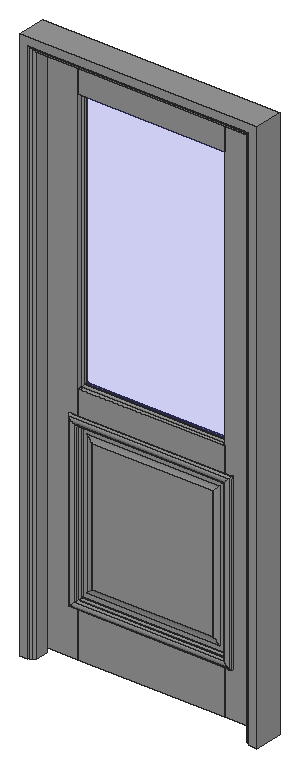
Revit family "I2P 813 GTHB", category Doors, host Wall, Revit 2013
Parameters (values of type "I2P 813 GTHB")
  Function = Interior
  Frame Projection Ext. = 25 mm
  Frame Projection Int. = 25 mm
  Frame Width = 75 mm
  Height = 2090 mm
  Wall Closure = By host
  Width = 889 mm
Reference planes
  plane 1: y = 0
  plane 2 "Center (Left/Right)": x = 0
  plane 3 "Left": x = -444.5
  plane 4 "Right": x = 444.5
  plane 5: z = 2090
  plane 6 "Exterior": y = 75
  plane 7 "Interior": y = -75
Forms (mm)
  Sweep 1, solid, material "Lauan, Meranti"
    path origin (0, 75, 0) x (1, 0, 0) y (0, 0, 1)
      loop
        line (444.5, 0) -> (444.5, 2090) -> (-444.5, 2090) -> (-444.5, 0)
    profile "Van Acht 105x50 Door Frame Routed Profile (Heavy) : Van Acht 105x50 Door Frame Routed Profile (Heavy)" origin (444.5, 75, 1045) x (-1, 0, 0) y (0, -1, 0)
      loop
        line (0, 22.5) -> (38, 22.5) -> (38, 67.5) -> (50, 67.5) -> (50, 112.5)
        arc (50, 112.5) -> (44.957, 114.29) -> (42.17, 118.859) r 8
        line (42.17, 118.859) -> (39, 118.859)
        arc (39, 118.859) -> (35.311, 122.973) -> (30, 124.5) r 10
        line (30, 124.5) -> (30, 127.5) -> (0, 127.5) -> (0, 22.5)
  Extrusion 2, solid, material "Lauan, Meranti"
    sketch origin (0, -85, 0) x (0, 1, 0) y (0, 0, 1)
      loop
        line (132.5, 20) -> (132.5, 221) -> (130.5, 221)
        arc (130.5, 221) -> (128.866, 225.67) -> (124.5, 228) r 6.807
        line (124.5, 228) -> (124.5, 230) -> (122.5, 230) -> (122.5, 215) -> (102.5, 215) -> (102.5, 230) -> (100.5, 230) -> (100.5, 228)
        arc (100.5, 228) -> (96.134, 225.67) -> (94.5, 221) r 6.807
        line (94.5, 221) -> (92.5, 221) -> (92.5, 20) -> (132.5, 20)
      loop
        line (132.5, 809) -> (132.5, 931) -> (130.5, 931)
        arc (130.5, 931) -> (128.866, 935.67) -> (124.5, 938) r 6.807
        line (124.5, 938) -> (124.5, 940) -> (122.5, 940) -> (122.5, 931) -> (92.5, 931) -> (92.5, 809) -> (94.5, 809)
        arc (94.5, 809) -> (96.134, 804.33) -> (100.5, 802) r 6.807
        line (100.5, 802) -> (100.5, 800) -> (102.5, 800) -> (102.5, 815) -> (122.5, 815) -> (122.5, 800) -> (124.5, 800) -> (124.5, 802)
        arc (124.5, 802) -> (128.866, 804.33) -> (130.5, 809) r 6.807
        line (130.5, 809) -> (132.5, 809)
      loop
        line (130.5, 1921) -> (132.5, 1921) -> (132.5, 2052) -> (92.5, 2052) -> (92.5, 1921) -> (122.5, 1921) -> (122.5, 1912) -> (124.5, 1912) -> (124.5, 1914)
        arc (124.5, 1914) -> (128.866, 1916.33) -> (130.5, 1921) r 6.807
    from -275.5 to 275.5
  Extrusion 3, solid, material "Lauan, Meranti"
    sketch origin (0, 0, 0) x (1, 0, 0) y (0, 1, 0)
      loop
        line (-406.5, 47.5) -> (-406.5, 7.5) -> (-275.5, 7.5) -> (-275.5, 9.5)
        arc (-275.5, 9.5) -> (-270.765, 11.06) -> (-268.5, 15.5) r 6.549
        line (-268.5, 15.5) -> (-266.5, 15.5) -> (-266.5, 17.5) -> (-281.5, 17.5) -> (-281.5, 37.5) -> (-266.5, 37.5) -> (-266.5, 39.5) -> (-268.5, 39.5)
        arc (-268.5, 39.5) -> (-270.765, 43.94) -> (-275.5, 45.5) r 6.549
        line (-275.5, 45.5) -> (-275.5, 47.5) -> (-406.5, 47.5)
      loop
        line (406.5, 47.5) -> (275.5, 47.5) -> (275.5, 45.5)
        arc (275.5, 45.5) -> (270.765, 43.94) -> (268.5, 39.5) r 6.549
        line (268.5, 39.5) -> (266.5, 39.5) -> (266.5, 37.5) -> (281.5, 37.5) -> (281.5, 17.5) -> (266.5, 17.5) -> (266.5, 15.5) -> (268.5, 15.5)
        arc (268.5, 15.5) -> (270.765, 11.06) -> (275.5, 9.5) r 6.549
        line (275.5, 9.5) -> (275.5, 7.5) -> (406.5, 7.5) -> (406.5, 47.5)
    from 20 to 931
  Sweep 4, solid, material "Lauan, Meranti"
    path origin (0, 75, 0) x (1, 0, 0) y (0, 0, 1)
      loop
        line (275.5, 809) -> (-275.5, 809) -> (-275.5, 221) -> (275.5, 221) -> (275.5, 809)
    profile origin (0, 75, 809) x (0, 0, -1) y (0, -1, 0)
      loop
        line (-4.5, 57.5) -> (-4.5, 37.5) -> (25.727, 37.5)
        arc (25.727, 37.5) -> (37.468, 35.847) -> (48.5, 31.5) r 50.456
        line (48.5, 31.5) -> (48.5, 63.5)
        arc (48.5, 63.5) -> (37.468, 59.153) -> (25.727, 57.5) r 50.456
        line (25.727, 57.5) -> (-4.5, 57.5)
  Extrusion 5, solid, material "Lauan, Meranti"
    sketch origin (0, 75, 0) x (1, 0, 0) y (0, 0, 1)
      loop
        line (227, 760.5) -> (-227, 760.5) -> (-227, 269.5) -> (227, 269.5) -> (227, 760.5)
    from 31.5 to 63.5
  Extrusion 6, solid, material "Lauan, Meranti"
    sketch origin (0, 0, 0) x (1, 0, 0) y (0, 1, 0)
      loop
        line (-406.5, 47.5) -> (-406.5, 7.5) -> (-275.5, 7.5) -> (-275.5, 37.5) -> (-266.5, 37.5) -> (-266.5, 39.5) -> (-268.5, 39.5)
        arc (-268.5, 39.5) -> (-270.765, 43.94) -> (-275.5, 45.5) r 6.549
        line (-275.5, 45.5) -> (-275.5, 47.5) -> (-406.5, 47.5)
      loop
        line (406.5, 47.5) -> (275.5, 47.5) -> (275.5, 45.5)
        arc (275.5, 45.5) -> (270.765, 43.94) -> (268.5, 39.5) r 6.549
        line (268.5, 39.5) -> (266.5, 39.5) -> (266.5, 37.5) -> (275.5, 37.5) -> (275.5, 7.5) -> (406.5, 7.5) -> (406.5, 47.5)
    from 931 to 2052
  Extrusion 7, solid, material "Glass"
    sketch origin (0, -75, 0) x (1, 0, 0) y (0, 0, 1)
      loop
        line (-275.5, 1921) -> (-275.5, 931) -> (275.5, 931) -> (275.5, 1921) -> (-275.5, 1921)
    from -112.5 to -106.1
  Sweep 8, solid, material "Lauan, Meranti"
    path origin (0, -75, 0) x (1, 0, 0) y (0, 0, 1)
      loop
        line (-275.5, 1921) -> (-275.5, 931) -> (275.5, 931) -> (275.5, 1921) -> (-275.5, 1921)
    profile origin (0, -75, 1921) x (0, 0, 1) y (0, -1, 0)
      loop
        line (-9, -106.1) -> (0, -106.1) -> (0, -98.1)
        arc (0, -98.1) -> (-4.67, -99.734) -> (-7, -104.1) r 6.807
        line (-7, -104.1) -> (-9, -104.1) -> (-9, -106.1)
  Sweep 9, solid, material "Lauan, Meranti"
    path origin (-128.106, 75, -1205.291) x (1, 0, 0) y (0, 0, 1)
      loop
        line (403.606, 2014.291) -> (-147.394, 2014.291) -> (-147.394, 1426.291) -> (403.606, 1426.291) -> (403.606, 2014.291)
    profile origin (0, 75, 809) x (0, 0, -1) y (0, -1, 0)
      loop
        arc (-31, 24) -> (-29.096, 19.404) -> (-24.5, 17.5) r 6.5
        arc (-24.5, 17.5) -> (-15.5, 13.5) -> (-6.5, 17.5) r 12.125
        arc (-6.5, 17.5) -> (-1.904, 19.404) -> (0, 24) r 6.5
        line (0, 24) -> (0, 27.5) -> (-31, 27.5) -> (-31, 24)
  Sweep 10, solid, material "Lauan, Meranti"
    path origin (-128.106, -20, -1205.291) x (1, 0, 0) y (0, 0, -1)
      loop
        line (403.606, -2014.291) -> (403.606, -1426.291) -> (-147.394, -1426.291) -> (-147.394, -2014.291) -> (403.606, -2014.291)
    profile origin (0, -20, 809) x (0, 0, 1) y (0, 1, 0)
      loop
        line (31, 24) -> (31, 27.5) -> (0, 27.5) -> (0, 24)
        arc (0, 24) -> (1.904, 19.404) -> (6.5, 17.5) r 6.5
        arc (6.5, 17.5) -> (15.5, 13.5) -> (24.5, 17.5) r 12.125
        arc (24.5, 17.5) -> (29.096, 19.404) -> (31, 24) r 6.5
Cuts and joins
  joined: Extrusion 3, Extrusion 6
Lines and regions (mm)
  Opening 1
    outline origin (-3050, -75, 0) x (1, 0, 0) y (0, 0, 1)
      loop
        line (2605.5, 0) -> (3494.5, 0) -> (3494.5, 2090) -> (2605.5, 2090) -> (2605.5, 0)
  symbolic lines, style "Elevation Swing"
    curve 1: line (444.5, -75, 1045) -> (-444.5, -75, 2090)
    curve 2: line (444.5, -75, 1045) -> (-444.5, -75, 0)
  model lines
    curve 3: line (406.5, 52.5, 0) -> (406.5, 865.5, 0)
    curve 4: arc (-406.5, 52.5, 0) -> (-168.378, 627.378, 0) -> (406.5, 865.5, 0) r 813
Text (mm)
  text "Exterior" at (-2295.016, 1099.543, 0), in view "Ref. Level"
  text "Exterior" at (0, 1615.38, 3698.081), in view "Left"
  text "Exterior" at (0, 1036.032, 3874.932), in view "Right"
Dimensions and locks
  equal spacing: plane 3 "Left", plane 2 "Center (Left/Right)", plane 4 "Right"
  "Width": plane 3 "Left" to plane 4 "Right"
  "Height": plane 5 to host wall
  equal spacing: host wall, curve 2, plane 5
  host wall to plane 5 = 2090 mm
  locked: plane 6 "Exterior" to host wall at 0
  locked: plane 7 "Interior" to host wall
  plane 3 "Left" to plane 4 "Right" = 889 mm
  Sweep 1 to Sweep 1 = 813 mm
  Extrusion 3 to Sweep 1 = 2032 mm
  aligned and locked: plane 3 "Left" to Opening 1 sketch curve
  aligned and locked: plane 5 to Opening 1 sketch curve  (x2)
  aligned and locked: Opening 1 sketch curve to plane 4 "Right"
  aligned and locked: Opening 1 sketch curve to level
  aligned and locked: plane 5 to curve 1
  aligned and locked: plane 3 "Left" to curve 2
  aligned and locked: plane 1 to host wall
  aligned and locked: plane 3 "Left" to curve 1
Automatic sketch dimensions
  plane 4 "Right" to curve 2 = 0 mm
  curve 2 to level = 0 mm
  plane 3 "Left" to Sweep 1 sketch curve = 0 mm
  plane 4 "Right" to Sweep 1 sketch curve = 0 mm
  Sweep 1 sketch curve to plane 5 = 0 mm
  Sweep 1 sketch curve to level = 0 mm  (x2)
  Extrusion 2 sketch curve to host wall = 7.5 mm  (x3)
  level to Extrusion 2 sketch curve = 20 mm
  Extrusion 2 sketch curve to Extrusion 2 sketch curve = 2 mm  (x17)
  Extrusion 2 sketch curve to Extrusion 2 sketch curve = 6 mm  (x6)
  Extrusion 2 sketch curve to Extrusion 2 sketch curve = 30 mm  (x2)
  Extrusion 2 sketch curve to Extrusion 2 sketch curve = 20 mm  (x2)
  Extrusion 2 sketch curve to Extrusion 2 sketch curve = 8 mm  (x2)
  Extrusion 2 sketch curve to Extrusion 2 sketch curve = 1.197 mm  (x6)
  Extrusion 2 sketch curve to Extrusion 2 sketch curve = 195 mm
  Extrusion 2 sketch curve to Extrusion 2 sketch curve = 7 mm  (x6)
  Extrusion 2 sketch curve to Extrusion 2 sketch curve = 570 mm
  Extrusion 2 sketch curve to Extrusion 2 sketch curve = 0 mm  (x2)
  Extrusion 2 sketch curve to Extrusion 2 sketch curve = 6.241 mm
  Extrusion 2 sketch curve to Extrusion 2 sketch curve = 116 mm
  plane 5 to Extrusion 2 sketch curve = 178 mm
  Extrusion 2 sketch curve to Extrusion 2 sketch curve = 0.241 mm
  plane 5 to Extrusion 2 sketch curve = 38 mm
  Extrusion 3 sketch curve to host wall = 7.5 mm  (x2)
  Extrusion 3 sketch curve to plane 3 "Left" = 38 mm
  Extrusion 3 sketch curve to host wall = 37.5 mm  (x2)
  Extrusion 3 sketch curve to Extrusion 3 sketch curve = 125 mm
  Extrusion 3 sketch curve to Extrusion 3 sketch curve = 6 mm  (x7)
  Extrusion 3 sketch curve to Extrusion 3 sketch curve = 7 mm  (x4)
  Extrusion 3 sketch curve to Extrusion 3 sketch curve = 2 mm  (x11)
  plane 4 "Right" to Extrusion 3 sketch curve = 178 mm
  Extrusion 3 sketch curve to Extrusion 3 sketch curve = 0 mm
  plane 4 "Right" to Extrusion 3 sketch curve = 38 mm
  Extrusion 3 sketch curve to Extrusion 3 sketch curve = 0.473 mm  (x3)
  Extrusion 3 sketch curve to Extrusion 3 sketch curve = 6.527 mm
  Extrusion 3 sketch curve to Extrusion 3 sketch curve = 1.468 mm
  Sweep 4 sketch curve to plane 3 "Left" = 169 mm
  level to Sweep 4 sketch curve = 221 mm
  plane 4 "Right" to Sweep 4 sketch curve = 169 mm
  Sweep 4 sketch curve to Sweep 4 sketch curve = 588 mm
  profile plane to Sweep 4 sketch curve = 4.5 mm
  plane 6 "Exterior" to Sweep 4 sketch curve = 31.5 mm
  Sweep 4 sketch curve to profile plane = 25.727 mm
  Sweep 4 sketch curve to Sweep 4 sketch curve = 0 mm
  Sweep 4 sketch curve to Sweep 4 sketch curve = 22.773 mm
  Sweep 4 sketch curve to profile plane = 24.613 mm  (x2)
  plane 6 "Exterior" to Sweep 4 sketch curve = 37.5 mm
  Sweep 4 sketch curve to Sweep 4 sketch curve = 20 mm
  Sweep 4 sketch curve to Sweep 4 sketch curve = 6 mm
  Extrusion 5 sketch curve to plane 3 "Left" = 217.5 mm
  level to Extrusion 5 sketch curve = 269.5 mm
  plane 4 "Right" to Extrusion 5 sketch curve = 217.5 mm
  Extrusion 5 sketch curve to Extrusion 5 sketch curve = 491 mm
  plane 4 "Right" to curve 3 = 38 mm
  host wall to curve 3 = 790.5 mm
  curve 4 to host wall = 22.5 mm
  curve 3 to curve 4 = 0 mm
  Extrusion 6 sketch curve to host wall = 7.5 mm  (x2)
  Extrusion 6 sketch curve to plane 3 "Left" = 38 mm
  Extrusion 6 sketch curve to host wall = 37.5 mm  (x2)
  Extrusion 6 sketch curve to Extrusion 6 sketch curve = 131 mm
  Extrusion 6 sketch curve to Extrusion 6 sketch curve = 0 mm
  Extrusion 6 sketch curve to Extrusion 6 sketch curve = 7 mm  (x2)
  Extrusion 6 sketch curve to Extrusion 6 sketch curve = 2 mm  (x5)
  plane 4 "Right" to Extrusion 6 sketch curve = 178 mm
  Extrusion 6 sketch curve to Extrusion 6 sketch curve = 9 mm
  plane 4 "Right" to Extrusion 6 sketch curve = 38 mm
  Extrusion 6 sketch curve to Extrusion 6 sketch curve = 0.473 mm  (x2)
  Extrusion 6 sketch curve to Extrusion 6 sketch curve = 8 mm  (x2)
  Extrusion 6 sketch curve to host wall = 27.5 mm
  Extrusion 7 sketch curve to plane 3 "Left" = 169 mm
  level to Extrusion 7 sketch curve = 931 mm
  plane 4 "Right" to Extrusion 7 sketch curve = 169 mm
  plane 5 to Extrusion 7 sketch curve = 169 mm
  Sweep 8 sketch curve to plane 3 "Left" = 169 mm
  level to Sweep 8 sketch curve = 931 mm
  plane 4 "Right" to Sweep 8 sketch curve = 169 mm
  plane 5 to Sweep 8 sketch curve = 169 mm
  profile plane to Sweep 8 sketch curve = 0 mm
  profile plane to Sweep 8 sketch curve = 9 mm
  Sweep 8 sketch curve to plane 7 "Interior" = 106.1 mm
  Sweep 8 sketch curve to Sweep 8 sketch curve = 2 mm  (x2)
  profile plane to Sweep 8 sketch curve = 0.241 mm
  Sweep 8 sketch curve to Sweep 8 sketch curve = 8 mm
  Sweep 9 sketch curve to plane 3 "Left" = 169 mm
  level to Sweep 9 sketch curve = 221 mm
  plane 4 "Right" to Sweep 9 sketch curve = 169 mm
  Sweep 9 sketch curve to Sweep 9 sketch curve = 588 mm
  Sweep 9 sketch curve to profile plane = 0 mm
  profile plane to Sweep 9 sketch curve = 24 mm
  profile plane to Sweep 9 sketch curve = 31 mm
  Sweep 9 sketch curve to Sweep 9 sketch curve = 6.5 mm
  Sweep 9 sketch curve to Sweep 9 sketch curve = 9 mm
  profile plane to Sweep 9 sketch curve = 6.5 mm
  Sweep 9 sketch curve to Sweep 9 sketch curve = 3.5 mm
  Sweep 9 sketch curve to Sweep 9 sketch curve = 1.625 mm
  Sweep 10 sketch curve to plane 3 "Left" = 169 mm
  level to Sweep 10 sketch curve = 809 mm
  plane 4 "Right" to Sweep 10 sketch curve = 169 mm
  level to Sweep 10 sketch curve = 221 mm
  profile plane to Sweep 10 sketch curve = 0 mm
  profile plane to Sweep 10 sketch curve = 24 mm
  Sweep 10 sketch curve to profile plane = 31 mm
  Sweep 10 sketch curve to profile plane = 6.5 mm
  Sweep 10 sketch curve to Sweep 10 sketch curve = 9 mm
  Sweep 10 sketch curve to Sweep 10 sketch curve = 6.5 mm
  Sweep 10 sketch curve to Sweep 10 sketch curve = 3.5 mm
  Sweep 10 sketch curve to Sweep 10 sketch curve = 1.625 mm
